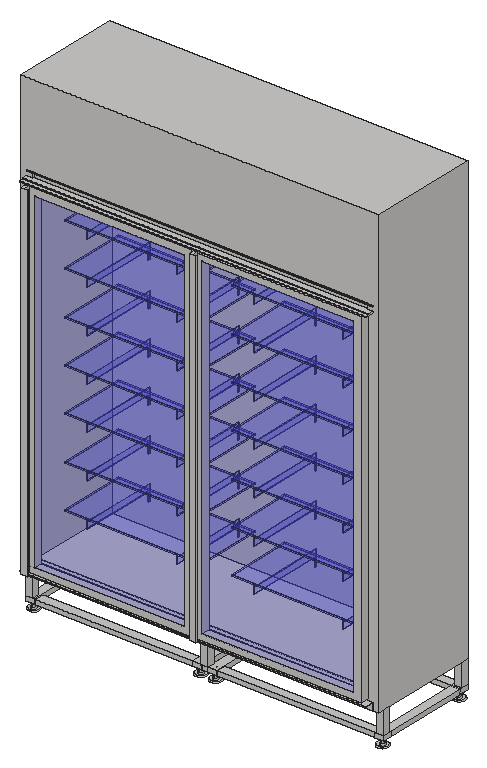
Revit family "Food-Service-Equipment_Oscartek_Muro_Gala-1552_cat", category Specialty Equipment, Revit 2026
Family settings
  Round Connector Dimension = Use Diameter
  Part Type = Normal
  Classification Number = 23.40.40.11
  Work Plane-Based = No
  Enable Cutting in Views = No
  Always vertical = Yes
  Cut with Voids When Loaded = No
  Maintain Annotation Orientation = No
  Shared = No
  Room Calculation Point = No
Parameters
  Wine Shelf = Part Code = 1  # yes
  Weight in Pounds = 440
  Watts = Volts * FL Amps  # 880 W
  Volts = 220 V
  URL Cutsheet = "www.oscartek.com"
  URL = "www.oscartek.com"
  Type Comments = "As Specified"
  Test Data = "http://www.oscartek.com/company/clients.php"
  Specification by User = ""
  Specification by Manufacturer = ""
  Specification = "https://www.arcat.com/arcatcos/cos48/arc48760.html"
  Show Clearance [instance] = yes
  Serial Number = ""
  Seismic Rating = ""
  Sales Information = "http://www.oscartek.com/company/contact.php"
  SMACNA No = ""
  Revision Code = ""
  Revision = "R1_2018-10"
  Product Data = "http://www.oscartek.com/support/manuals/"
  Phase = 1
  Part Code = 1
  Number of Poles = 1
  NAFEM Spec ID Number = ""
  Model = "MURO GALA 1552"
  Min Ckt Ampacity = 0 A
  Meat Shelf = Part Code = 2  # no
  Max Overcurrent Protection = 0 A
  Masterspec = ""
  Manufacturer Website = "http://www.oscartek.com/index.php"
  Manufacturer Phone - Toll Free = "855-885-2400"
  Manufacturer Phone = "650-342-2400"
  Manufacturer Fax = "650-342-7400"
  Manufacturer Address = "361 Beach Rd., Burlingame, CA 94010"
  Manufacturer = "OSCARTEK"
  Length = 61 1/8"
  Item Number = ""
  Installed By = ""
  Installation-Fabrication = "http://www.oscartek.com/support/manuals/"
  Identify Quantity as Lot = yes
  Height = 82 3/16"
  HP = ""
  Green Building-LEED = "https://www.arcat.com/green/green_building.shtml"
  Furnished By = ""
  Foodservice Equipment Identifier = yes
  FL Amps = 4 A
  Electrical Remarks = ""
  Electric Connection Type = ""
  Elec Conn RI Height = 0"
  Elec Conn Connection Height = 0"
  Drawn By = "Sumex Design, Inc. / Robert S. Weygant, CSI, CDT, SCIP"
  Description = "MURO GALA WINE SHOWCASE"
  Depth = 21 1/4"
  Deli/Pastry = Part Code = 3  # no
  Default Elevation = 0"
  Cycle = 60 Hz
  Copyright = "©Arcat Inc."
  Construction Details = "http://www.oscartek.com/support/manuals/"
  Conn Plug = ""
  Conn Conduit = yes
  Category = ""
  CSI MasterFormat = "11 41 33"
  Building Codes = "https://www.arcat.com/arcatcos/cos48/arc48760.html"
  BTUH = 6400.0 Btu/h
  Apparent Power = 0 VA
Reference planes (in)
  plane 1 "BACK": y = 0
  plane 2: z = 0
  plane 3 "LEFT": x = 0
  plane 4 "RIGHT": x = 61.125
  plane 5 "FRONT": y = -21.25
  plane 6 "TOP": z = 82.1875
  plane 7 "Center Y": x = 30.5625
  plane 8 "Center X": y = -10.625
  plane 9: y = -18.875
  plane 10: z = 7.51552
  plane 11: z = 66.57802
  plane 12: z = 7.51552
  plane 13: z = 66.57802
  plane 14: z = 6.00603
  plane 15: y = -17.875
  plane 16: y = -17.10376
  plane 17: x = 0.8125
  plane 18: x = 29.30212
Forms (in)
  Extrusion 1, solid, material "QF_Metal - Stainless - Polished"
    sketch origin (31.6875, 0, 0) x (0, -1, 0) y (0, 0, 1)
      loop
        line (18.90603, 7.20508) -> (20.31099, 7.20508) -> (20.31099, 7.32323) -> (18.70021, 7.32323) -> (18.70021, 8.56381) -> (17.89196, 8.56381) -> (17.89196, 6.00603) -> (18.90603, 6.00603) -> (18.90603, 7.20508)
      loop
        line (18.875, 68) -> (17.91056, 68) -> (17.91056, 66.5144) -> (18.70905, 66.5144) -> (18.70905, 66.81986) -> (20.31325, 66.81986) -> (20.31325, 66.94487) -> (19.71428, 66.94487) -> (19.71428, 67.14799) -> (18.70905, 67.14799) -> (18.70905, 67.80947) -> (18.875, 67.80947) -> (18.875, 68)
    from -28.4375 to 30.6875
  Extrusion 2, solid, material "QF_Metal - Stainless - Polished"
    sketch origin (1, -18.875, 82.1875) x (0, 0, -1) y (1, 0, 0)
      loop
        line (15.60948, 0.92068) -> (74.67198, 0.92068) -> (74.67198, 29.35434) -> (15.60948, 29.35434) -> (15.60948, 0.92068)
      loop
        line (16.67198, 2.45144) -> (73.60948, 2.45144) -> (73.60948, 28.1177) -> (16.67198, 28.1177) -> (16.67198, 2.45144)
      loop
        line (15.60948, 29.82366) -> (74.67198, 29.82366) -> (74.67198, 58.20911) -> (15.60948, 58.20911) -> (15.60948, 29.82366)
      loop
        line (16.67198, 31.06338) -> (73.60948, 31.06338) -> (73.60948, 56.97247) -> (16.67198, 56.97247) -> (16.67198, 31.06338)
    from 0 to 1.38976
  Extrusion 3, solid, material "Glass"
    sketch origin (1, -18.875, 82.1875) x (0, 0, -1) y (1, 0, 0)
      loop
        line (16.67198, 0.9375) -> (73.60948, 0.9375) -> (73.60948, 28.1177) -> (16.67198, 28.1177) -> (16.67198, 0.9375)
      loop
        line (73.60948, 30.98355) -> (73.60948, 56.97247) -> (16.67198, 56.97247) -> (16.67198, 30.98355) -> (73.60948, 30.98355)
    from 0 to 1.38976
  Extrusion 4, solid, material "QF_Metal - Stainless - Polished"
    sketch origin (-103.07038, -18.875, 66.57802) x (1, 0, 0) y (0, 1, 0)
      loop
        line (106.06231, -2.17797) -> (105.5106, -2.17797) -> (105.5106, -1.38976) -> (104.99106, -1.38976) -> (104.99106, -2.375) -> (106.06231, -2.375) -> (106.06231, -2.17797)
      loop
        line (134.80226, -2.17797) -> (134.25055, -2.17797) -> (134.25055, -1.38976) -> (133.731, -1.38976) -> (133.731, -2.375) -> (134.80226, -2.375) -> (134.80226, -2.17797)
    from 0 to -59.0625
  Revolve 5, solid, material "QF_Metal - Stainless - Polished"
    sketch origin (0.8125, -180, -6.84664) x (0, 0, -1) y (0, -1, 0)
      loop
        line (-8.80529, -179.21181) -> (-6.84664, -179.21181) -> (-6.84664, -178.50244) -> (-6.96507, -178.23643) -> (-7.07291, -178.28444) -> (-7.07291, -178.83742) -> (-7.24073, -178.83742) -> (-7.24073, -179.01476) -> (-8.80529, -179.01476) -> (-8.80529, -179.21181)
      axis (-6.84664, -179.21181) -> (-8.80529, -179.21181)
    angle from 0 to 360
  Revolve 6, solid, material "QF_Metal - Stainless - Polished"
    sketch origin (29.30212, -180, -6.84664) x (0, 0, -1) y (0, 1, 0)
      loop
        line (-8.80529, 179.21181) -> (-8.80529, 179.01476) -> (-7.24073, 179.01476) -> (-7.24073, 178.83742) -> (-7.07291, 178.83742) -> (-7.07291, 178.28444) -> (-6.96507, 178.23643) -> (-6.84664, 178.50244) -> (-6.84664, 179.21181) -> (-8.80529, 179.21181)
      axis (-6.84664, 179.21181) -> (-8.80529, 179.21181)
    angle from 0 to 360
  Revolve 7, solid, material "QF_Metal - Stainless - Polished"
    sketch origin (0.8125, -196.31557, -6.84664) x (0, 0, -1) y (0, -1, 0)
      loop
        line (-8.80529, -179.21181) -> (-6.84664, -179.21181) -> (-6.84664, -178.50244) -> (-6.96507, -178.23643) -> (-7.07291, -178.28444) -> (-7.07291, -178.83742) -> (-7.24073, -178.83742) -> (-7.24073, -179.01476) -> (-8.80529, -179.01476) -> (-8.80529, -179.21181)
      axis (-6.84664, -179.21181) -> (-8.80529, -179.21181)
    angle from 0 to 360
  Revolve 8, solid, material "QF_Metal - Stainless - Polished"
    sketch origin (29.30212, -196.31557, -6.84664) x (0, 0, -1) y (0, 1, 0)
      loop
        line (-8.80529, 179.21181) -> (-8.80529, 179.01476) -> (-7.24073, 179.01476) -> (-7.24073, 178.83742) -> (-7.07291, 178.83742) -> (-7.07291, 178.28444) -> (-6.96507, 178.23643) -> (-6.84664, 178.50244) -> (-6.84664, 179.21181) -> (-8.80529, 179.21181)
      axis (-6.84664, 179.21181) -> (-8.80529, 179.21181)
    angle from 0 to 360
  Extrusion 9, solid, material "QF_Metal - Stainless - Polished"
    sketch origin (0, 0, 0) x (0, 1, 0) y (0, 0, 1)
      loop
        line (-16.31557, 1.28869) -> (-16.31557, 2.07689) -> (-17.875, 2.07689) -> (-17.875, 1.28869) -> (-16.31557, 1.28869)
      loop
        line (0, 1.28869) -> (0, 2.07689) -> (-1.55943, 2.07689) -> (-1.55943, 1.28869) -> (0, 1.28869)
    from 0 to 61.125
  Extrusion 10, solid, material "QF_Metal - Stainless - Polished"
    sketch origin (0, 0, 0) x (1, 0, 0) y (0, 0, 1)
      loop
        line (0, 2.07689) -> (0, 1.28869) -> (1.5625, 1.28869) -> (1.5625, 2.07689) -> (0, 2.07689)
      loop
        line (61.125, 2.07689) -> (59.5625, 2.07689) -> (59.5625, 1.28869) -> (61.125, 1.28869) -> (61.125, 2.07689)
      loop
        line (32.60937, 2.07689) -> (31.04687, 2.07689) -> (31.04687, 1.28869) -> (32.60937, 1.28869) -> (32.60937, 2.07689)
      loop
        line (30.08862, 2.07689) -> (28.52612, 2.07689) -> (28.52612, 1.28869) -> (30.08862, 1.28869) -> (30.08862, 2.07689)
    from 0 to 17.875
  Extrusion 11, solid, material "QF_Metal - Stainless - Polished"
    sketch origin (0, 0, 2.07689) x (1, 0, 0) y (0, 1, 0)
      loop
        line (0, -1.18229) -> (1.17775, -1.18229) -> (1.17775, 0) -> (0, 0) -> (0, -1.18229)
      loop
        line (31.15137, -1.18229) -> (31.15137, 0) -> (29.97363, 0) -> (29.97363, -1.18229) -> (31.15137, -1.18229)
      loop
        line (0, -17.89196) -> (1.17775, -17.89196) -> (1.17775, -16.70967) -> (0, -16.70967) -> (0, -17.89196)
      loop
        line (31.15137, -17.89196) -> (31.15137, -16.70967) -> (29.97363, -16.70967) -> (29.97363, -17.89196) -> (31.15137, -17.89196)
      loop
        line (61.125, -1.18229) -> (61.125, 0) -> (59.94725, 0) -> (59.94725, -1.18229) -> (61.125, -1.18229)
      loop
        line (61.125, -17.89196) -> (61.125, -16.70967) -> (59.94725, -16.70967) -> (59.94725, -17.89196) -> (61.125, -17.89196)
    from 0 to 3.92915
  Extrusion 12, solid, material "QF_Door-Drawer Clearances", visible <- "Show Clearance", detail levels coarse
    sketch origin (-103.07038, -18.875, 66.57802) x (1, 0, 0) y (0, 1, 0)
      loop
        arc (104.99106, -1.38976) -> (113.31908, -21.4954) -> (133.42472, -29.82342) r 28.43366
        line (133.42472, -29.82342) -> (133.42472, -1.38976) -> (104.99106, -1.38976)
      loop
        arc (133.731, -1.38976) -> (142.09266, -21.57659) -> (162.27949, -29.93824) r 28.54848
        line (162.27949, -29.93824) -> (162.27949, -1.38976) -> (133.731, -1.38976)
    from 0 to -59.0625
  Extrusion 13, solid, material "QF_Metal - Stainless - Polished"
    sketch origin (1, 0, 0) x (0, 1, 0) y (0, 0, 1)
      loop
        line (0, 82.1875) -> (-18.875, 82.1875) -> (-18.875, 68) -> (-17.91056, 68) -> (-17.91056, 66.5144) -> (-16.94613, 66.5144) -> (-16.94613, 72.27825) -> (-2.08871, 72.27825) -> (-2.08871, 8.52825) -> (-17.89196, 8.52825) -> (-17.89196, 6.00603) -> (0, 6.00603) -> (0, 82.1875)
    from 0 to 59.125
  Extrusion 14, solid, material "QF_Metal - Stainless - Polished"
    sketch origin (0, 0, 0) x (0, 1, 0) y (0, 0, 1)
      loop
        line (0, 82.1875) -> (-18.875, 82.1875) -> (-18.875, 6.00603) -> (0, 6.00603) -> (0, 82.1875)
    from 0 to 2
  Extrusion 15, solid, material "QF_Metal - Stainless - Polished"
    sketch origin (61.125, 0, 0) x (0, -1, 0) y (0, 0, 1)
      loop
        line (0, 82.1875) -> (0, 6.00603) -> (18.875, 6.00603) -> (18.875, 82.1875) -> (0, 82.1875)
    from 0 to 2
  Revolve 16, solid, material "QF_Metal - Stainless - Polished"
    sketch origin (31.82288, -180, -6.84664) x (0, 0, -1) y (0, -1, 0)
      loop
        line (-8.80529, -179.21181) -> (-6.84664, -179.21181) -> (-6.84664, -178.50244) -> (-6.96507, -178.23643) -> (-7.07291, -178.28444) -> (-7.07291, -178.83742) -> (-7.24073, -178.83742) -> (-7.24073, -179.01476) -> (-8.80529, -179.01476) -> (-8.80529, -179.21181)
      axis (-6.84664, -179.21181) -> (-8.80529, -179.21181)
    angle from 0 to 360
  Revolve 17, solid, material "QF_Metal - Stainless - Polished"
    sketch origin (31.82288, -196.31557, -6.84664) x (0, 0, -1) y (0, -1, 0)
      loop
        line (-8.80529, -179.21181) -> (-6.84664, -179.21181) -> (-6.84664, -178.50244) -> (-6.96507, -178.23643) -> (-7.07291, -178.28444) -> (-7.07291, -178.83742) -> (-7.24073, -178.83742) -> (-7.24073, -179.01476) -> (-8.80529, -179.01476) -> (-8.80529, -179.21181)
      axis (-6.84664, -179.21181) -> (-8.80529, -179.21181)
    angle from 0 to 360
  Revolve 18, solid, material "QF_Metal - Stainless - Polished"
    sketch origin (60.3385, -180, -6.84664) x (0, 0, -1) y (0, -1, 0)
      loop
        line (-8.80529, -179.21181) -> (-6.84664, -179.21181) -> (-6.84664, -178.50244) -> (-6.96507, -178.23643) -> (-7.07291, -178.28444) -> (-7.07291, -178.83742) -> (-7.24073, -178.83742) -> (-7.24073, -179.01476) -> (-8.80529, -179.01476) -> (-8.80529, -179.21181)
      axis (-6.84664, -179.21181) -> (-8.80529, -179.21181)
    angle from 0 to 360
  Revolve 19, solid, material "QF_Metal - Stainless - Polished"
    sketch origin (60.3385, -196.31557, -6.84664) x (0, 0, -1) y (0, -1, 0)
      loop
        line (-8.80529, -179.21181) -> (-6.84664, -179.21181) -> (-6.84664, -178.50244) -> (-6.96507, -178.23643) -> (-7.07291, -178.28444) -> (-7.07291, -178.83742) -> (-7.24073, -178.83742) -> (-7.24073, -179.01476) -> (-8.80529, -179.01476) -> (-8.80529, -179.21181)
      axis (-6.84664, -179.21181) -> (-8.80529, -179.21181)
    angle from 0 to 360
  Extrusion 20, solid, material "QF_Metal - Stainless - Polished Brushed", visible <- "Meat Shelf"
    sketch origin (1, 0, 0) x (0, 1, 0) y (0, 0, 1)
      loop
        line (-8.66523, 64.21846) -> (-8.89505, 64.21846) -> (-8.89505, 64.61255) -> (-9.17092, 64.61255) -> (-9.17092, 64.21846) -> (-10.52412, 64.21846) -> (-10.52412, 64.61255) -> (-10.79999, 64.61255) -> (-10.79999, 64.21846) -> (-11.02981, 64.21846) -> (-11.02981, 64.06082) -> (-10.43866, 64.06082) -> (-10.43866, 62.87853) -> (-9.25637, 62.87853) -> (-9.25637, 64.06082) -> (-8.66523, 64.06082) -> (-8.66523, 64.21846)
    from 1 to 58.125
  Extrusion 21, solid, material "Glass", visible <- "Wine Shelf"
    sketch origin (8.65625, 6.33903, 48) x (0, 1, 0) y (0, 0, 1)
      loop
        line (-21.88361, 12.03383) -> (-21.88361, 10.51592) -> (-8.86913, 10.51592) -> (-8.86913, 8.95572) -> (-8.56962, 8.95572) -> (-8.56962, 11.68413) -> (-15.25009, 11.68413) -> (-21.6951, 11.68413) -> (-21.6951, 12.03383) -> (-21.88361, 12.03383)
      loop
        line (-21.88361, 4.64453) -> (-21.88361, 3.12662) -> (-8.86913, 3.12662) -> (-8.86913, 1.56642) -> (-8.56962, 1.56642) -> (-8.56962, 4.29483) -> (-15.25009, 4.29483) -> (-21.6951, 4.29483) -> (-21.6951, 4.64453) -> (-21.88361, 4.64453)
      loop
        line (-21.88361, -2.74477) -> (-21.88361, -4.26267) -> (-8.86913, -4.26267) -> (-8.86913, -5.82288) -> (-8.56962, -5.82288) -> (-8.56962, -3.09447) -> (-15.25009, -3.09447) -> (-21.6951, -3.09447) -> (-21.6951, -2.74477) -> (-21.88361, -2.74477)
      loop
        line (-21.88361, -10.13407) -> (-21.88361, -11.65197) -> (-8.86913, -11.65197) -> (-8.86913, -13.21217) -> (-8.56962, -13.21217) -> (-8.56962, -10.48377) -> (-15.25009, -10.48377) -> (-21.6951, -10.48377) -> (-21.6951, -10.13407) -> (-21.88361, -10.13407)
      loop
        line (-21.88361, -17.52337) -> (-21.88361, -19.04127) -> (-8.86913, -19.04127) -> (-8.86913, -20.60147) -> (-8.56962, -20.60147) -> (-8.56962, -17.87307) -> (-15.25009, -17.87307) -> (-21.6951, -17.87307) -> (-21.6951, -17.52337) -> (-21.88361, -17.52337)
      loop
        line (-21.88361, -24.91267) -> (-21.88361, -26.43057) -> (-8.86913, -26.43057) -> (-8.86913, -27.99077) -> (-8.56962, -27.99077) -> (-8.56962, -25.26237) -> (-15.25009, -25.26237) -> (-21.6951, -25.26237) -> (-21.6951, -24.91267) -> (-21.88361, -24.91267)
      loop
        line (-21.88361, -32.28425) -> (-21.88361, -33.80216) -> (-8.86913, -33.80216) -> (-8.86913, -35.36236) -> (-8.56962, -35.36236) -> (-8.56962, -32.63395) -> (-15.25009, -32.63395) -> (-21.6951, -32.63395) -> (-21.6951, -32.28425) -> (-21.88361, -32.28425)
    from 0 to 0.125
  Extrusion 22, solid, material "Glass", visible <- "Deli/Pastry"
    sketch origin (1, 0, 0) x (0, 1, 0) y (0, 0, 1)
      loop
        line (-14.3619, 52.33424) -> (-4.5494, 52.33424) -> (-4.5494, 52.64952) -> (-14.3619, 52.64952) -> (-14.3619, 52.33424)
      loop
        line (-14.3619, 37.55564) -> (-4.5494, 37.55564) -> (-4.5494, 37.87092) -> (-14.3619, 37.87092) -> (-14.3619, 37.55564)
      loop
        line (-14.3619, 22.77704) -> (-4.5494, 22.77704) -> (-4.5494, 23.09232) -> (-14.3619, 23.09232) -> (-14.3619, 22.77704)
    from 3.625 to 27.0625
  Extrusion 23, solid, material "Glass", visible <- "Meat Shelf"
    sketch origin (8.65625, 6.33903, 48) x (0, 1, 0) y (0, 0, 1)
      loop
        line (-20.93778, -10.13407) -> (-20.93778, -11.65497) -> (-8.86913, -11.65497) -> (-8.86913, -13.21217) -> (-8.56962, -13.21217) -> (-8.56962, -10.48377) -> (-20.74927, -10.48377) -> (-20.74927, -10.13407) -> (-20.93778, -10.13407)
      loop
        line (-20.93778, -24.91267) -> (-20.93778, -26.43356) -> (-8.86913, -26.43356) -> (-8.86913, -27.99077) -> (-8.56962, -27.99077) -> (-8.56962, -25.26237) -> (-20.74927, -25.26237) -> (-20.74927, -24.91267) -> (-20.93778, -24.91267)
    from 0 to 0.125
  Extrusion 24, solid, material "Glass", visible <- "Meat Shelf"
    sketch origin (1, 0, 0) x (0, 1, 0) y (0, 0, 1)
      loop
        line (-4.5494, 37.87092) -> (-14.3619, 37.87092) -> (-14.3619, 37.55564) -> (-4.5494, 37.55564) -> (-4.5494, 37.87092)
      loop
        line (-4.5494, 23.09232) -> (-14.3619, 23.09232) -> (-14.3619, 22.77704) -> (-4.5494, 22.77704) -> (-4.5494, 23.09232)
    from 3.625 to 27.0625
  Extrusion 25, solid, material "Glass", visible <- "Meat Shelf"
    sketch origin (24.03125, 6.33903, 48) x (0, 1, 0) y (0, 0, -1)
      loop
        line (-20.93778, 10.13407) -> (-20.74927, 10.13407) -> (-20.74927, 10.48377) -> (-8.56962, 10.48377) -> (-8.56962, 13.21217) -> (-8.86913, 13.21217) -> (-8.86913, 11.65497) -> (-20.93778, 11.65497) -> (-20.93778, 10.13407)
      loop
        line (-20.93778, 24.91267) -> (-20.74927, 24.91267) -> (-20.74927, 25.26237) -> (-8.56962, 25.26237) -> (-8.56962, 27.99077) -> (-8.86913, 27.99077) -> (-8.86913, 26.43356) -> (-20.93778, 26.43356) -> (-20.93778, 24.91267)
    from 0 to 0.125
  Extrusion 26, solid, material "Glass", visible <- "Deli/Pastry"
    sketch origin (8.65625, 6.33903, 48) x (0, 1, 0) y (0, 0, 1)
      loop
        line (-20.93778, 4.64453) -> (-20.93778, 3.12662) -> (-8.86913, 3.12662) -> (-8.86913, 1.56642) -> (-8.56962, 1.56642) -> (-8.56962, 4.29483) -> (-15.25009, 4.29483) -> (-20.74927, 4.29483) -> (-20.74927, 4.64453) -> (-20.93778, 4.64453)
      loop
        line (-20.93778, -10.13407) -> (-20.93778, -11.65197) -> (-8.86913, -11.65197) -> (-8.86913, -13.21217) -> (-8.56962, -13.21217) -> (-8.56962, -10.48377) -> (-15.25009, -10.48377) -> (-20.74927, -10.48377) -> (-20.74927, -10.13407) -> (-20.93778, -10.13407)
      loop
        line (-20.93778, -24.91267) -> (-20.93778, -26.43057) -> (-8.86913, -26.43057) -> (-8.86913, -27.99077) -> (-8.56962, -27.99077) -> (-8.56962, -25.26237) -> (-15.25009, -25.26237) -> (-20.74927, -25.26237) -> (-20.74927, -24.91267) -> (-20.93778, -24.91267)
    from 0 to 0.125
  Extrusion 27, solid, material "Glass", visible <- "Deli/Pastry"
    sketch origin (24.03125, 6.33903, 48) x (0, 1, 0) y (0, 0, -1)
      loop
        line (-20.93778, -4.64453) -> (-20.74927, -4.64453) -> (-20.74927, -4.29483) -> (-15.25009, -4.29483) -> (-8.56962, -4.29483) -> (-8.56962, -1.56642) -> (-8.86913, -1.56642) -> (-8.86913, -3.12662) -> (-20.93778, -3.12662) -> (-20.93778, -4.64453)
      loop
        line (-20.93778, 10.13407) -> (-20.74927, 10.13407) -> (-20.74927, 10.48377) -> (-15.25009, 10.48377) -> (-8.56962, 10.48377) -> (-8.56962, 13.21217) -> (-8.86913, 13.21217) -> (-8.86913, 11.65197) -> (-20.93778, 11.65197) -> (-20.93778, 10.13407)
      loop
        line (-20.93778, 24.91267) -> (-20.74927, 24.91267) -> (-20.74927, 25.26237) -> (-15.25009, 25.26237) -> (-8.56962, 25.26237) -> (-8.56962, 27.99077) -> (-8.86913, 27.99077) -> (-8.86913, 26.43057) -> (-20.93778, 26.43057) -> (-20.93778, 24.91267)
    from 0 to 0.125
  Extrusion 28, solid, material "Glass", visible <- "Wine Shelf"
    sketch origin (1, 0, 0) x (0, 1, 0) y (0, 0, 1)
      loop
        line (-15.30773, 60.03383) -> (-15.30773, 59.72354) -> (-3.87895, 59.72354) -> (-3.87895, 60.03383) -> (-15.30773, 60.03383)
      loop
        line (-15.30773, 52.64453) -> (-15.30773, 52.33424) -> (-3.87895, 52.33424) -> (-3.87895, 52.64453) -> (-15.30773, 52.64453)
      loop
        line (-15.30773, 45.25523) -> (-15.30773, 44.94494) -> (-3.87895, 44.94494) -> (-3.87895, 45.25523) -> (-15.30773, 45.25523)
      loop
        line (-15.30773, 37.86593) -> (-15.30773, 37.55564) -> (-3.87895, 37.55564) -> (-3.87895, 37.86593) -> (-15.30773, 37.86593)
      loop
        line (-15.30773, 30.47663) -> (-15.30773, 30.16634) -> (-3.87895, 30.16634) -> (-3.87895, 30.47663) -> (-15.30773, 30.47663)
      loop
        line (-15.30773, 23.08733) -> (-15.30773, 22.77704) -> (-3.87895, 22.77704) -> (-3.87895, 23.08733) -> (-15.30773, 23.08733)
      loop
        line (-15.30773, 15.71575) -> (-15.30773, 15.40546) -> (-3.87895, 15.40546) -> (-3.87895, 15.71575) -> (-15.30773, 15.71575)
    from 3.625 to 27.0625
  Extrusion 29, solid, material "Glass", visible <- "Wine Shelf"
    sketch origin (24.03125, 6.33903, 48) x (0, 1, 0) y (0, 0, -1)
      loop
        line (-21.88361, -12.03383) -> (-21.6951, -12.03383) -> (-21.6951, -11.68413) -> (-15.25009, -11.68413) -> (-8.56962, -11.68413) -> (-8.56962, -8.95572) -> (-8.86913, -8.95572) -> (-8.86913, -10.51592) -> (-21.88361, -10.51592) -> (-21.88361, -12.03383)
      loop
        line (-21.88361, -4.64453) -> (-21.6951, -4.64453) -> (-21.6951, -4.29483) -> (-15.25009, -4.29483) -> (-8.56962, -4.29483) -> (-8.56962, -1.56642) -> (-8.86913, -1.56642) -> (-8.86913, -3.12662) -> (-21.88361, -3.12662) -> (-21.88361, -4.64453)
      loop
        line (-21.88361, 2.74477) -> (-21.6951, 2.74477) -> (-21.6951, 3.09447) -> (-15.25009, 3.09447) -> (-8.56962, 3.09447) -> (-8.56962, 5.82288) -> (-8.86913, 5.82288) -> (-8.86913, 4.26267) -> (-21.88361, 4.26267) -> (-21.88361, 2.74477)
      loop
        line (-21.88361, 10.13407) -> (-21.6951, 10.13407) -> (-21.6951, 10.48377) -> (-15.25009, 10.48377) -> (-8.56962, 10.48377) -> (-8.56962, 13.21217) -> (-8.86913, 13.21217) -> (-8.86913, 11.65197) -> (-21.88361, 11.65197) -> (-21.88361, 10.13407)
      loop
        line (-21.88361, 17.52337) -> (-21.6951, 17.52337) -> (-21.6951, 17.87307) -> (-15.25009, 17.87307) -> (-8.56962, 17.87307) -> (-8.56962, 20.60147) -> (-8.86913, 20.60147) -> (-8.86913, 19.04127) -> (-21.88361, 19.04127) -> (-21.88361, 17.52337)
      loop
        line (-21.88361, 24.91267) -> (-21.6951, 24.91267) -> (-21.6951, 25.26237) -> (-15.25009, 25.26237) -> (-8.56962, 25.26237) -> (-8.56962, 27.99077) -> (-8.86913, 27.99077) -> (-8.86913, 26.43057) -> (-21.88361, 26.43057) -> (-21.88361, 24.91267)
      loop
        line (-21.88361, 32.28425) -> (-21.6951, 32.28425) -> (-21.6951, 32.63395) -> (-15.25009, 32.63395) -> (-8.56962, 32.63395) -> (-8.56962, 35.36236) -> (-8.86913, 35.36236) -> (-8.86913, 33.80216) -> (-21.88361, 33.80216) -> (-21.88361, 32.28425)
    from 0 to 0.125
  Extrusion 30, solid, material "Glass", visible <- "Wine Shelf"
    sketch origin (52.46875, 6.33903, 48) x (0, 1, 0) y (0, 0, -1)
      loop
        line (-21.88361, -12.03383) -> (-21.6951, -12.03383) -> (-21.6951, -11.68413) -> (-15.25009, -11.68413) -> (-8.56962, -11.68413) -> (-8.56962, -8.95572) -> (-8.86913, -8.95572) -> (-8.86913, -10.51592) -> (-21.88361, -10.51592) -> (-21.88361, -12.03383)
      loop
        line (-21.88361, -4.64453) -> (-21.6951, -4.64453) -> (-21.6951, -4.29483) -> (-15.25009, -4.29483) -> (-8.56962, -4.29483) -> (-8.56962, -1.56642) -> (-8.86913, -1.56642) -> (-8.86913, -3.12662) -> (-21.88361, -3.12662) -> (-21.88361, -4.64453)
      loop
        line (-21.88361, 2.74477) -> (-21.6951, 2.74477) -> (-21.6951, 3.09447) -> (-15.25009, 3.09447) -> (-8.56962, 3.09447) -> (-8.56962, 5.82288) -> (-8.86913, 5.82288) -> (-8.86913, 4.26267) -> (-21.88361, 4.26267) -> (-21.88361, 2.74477)
      loop
        line (-21.88361, 10.13407) -> (-21.6951, 10.13407) -> (-21.6951, 10.48377) -> (-15.25009, 10.48377) -> (-8.56962, 10.48377) -> (-8.56962, 13.21217) -> (-8.86913, 13.21217) -> (-8.86913, 11.65197) -> (-21.88361, 11.65197) -> (-21.88361, 10.13407)
      loop
        line (-21.88361, 17.52337) -> (-21.6951, 17.52337) -> (-21.6951, 17.87307) -> (-15.25009, 17.87307) -> (-8.56962, 17.87307) -> (-8.56962, 20.60147) -> (-8.86913, 20.60147) -> (-8.86913, 19.04127) -> (-21.88361, 19.04127) -> (-21.88361, 17.52337)
      loop
        line (-21.88361, 24.91267) -> (-21.6951, 24.91267) -> (-21.6951, 25.26237) -> (-15.25009, 25.26237) -> (-8.56962, 25.26237) -> (-8.56962, 27.99077) -> (-8.86913, 27.99077) -> (-8.86913, 26.43057) -> (-21.88361, 26.43057) -> (-21.88361, 24.91267)
      loop
        line (-21.88361, 32.28425) -> (-21.6951, 32.28425) -> (-21.6951, 32.63395) -> (-15.25009, 32.63395) -> (-8.56962, 32.63395) -> (-8.56962, 35.36236) -> (-8.86913, 35.36236) -> (-8.86913, 33.80216) -> (-21.88361, 33.80216) -> (-21.88361, 32.28425)
    from 0 to 0.125
  Extrusion 31, solid, material "Glass", visible <- "Deli/Pastry"
    sketch origin (60.125, 0, 0) x (0, 1, 0) y (0, 0, -1)
      loop
        line (-14.3619, -52.33424) -> (-14.3619, -52.64952) -> (-4.5494, -52.64952) -> (-4.5494, -52.33424) -> (-14.3619, -52.33424)
      loop
        line (-14.3619, -37.55564) -> (-14.3619, -37.87092) -> (-4.5494, -37.87092) -> (-4.5494, -37.55564) -> (-14.3619, -37.55564)
      loop
        line (-14.3619, -22.77704) -> (-14.3619, -23.09232) -> (-4.5494, -23.09232) -> (-4.5494, -22.77704) -> (-14.3619, -22.77704)
    from 3.625 to 27.0625
  Extrusion 32, solid, material "Glass", visible <- "Meat Shelf"
    sketch origin (52.46875, 6.33903, 48) x (0, 1, 0) y (0, 0, -1)
      loop
        line (-20.93778, 10.13407) -> (-20.74927, 10.13407) -> (-20.74927, 10.48377) -> (-8.56962, 10.48377) -> (-8.56962, 13.21217) -> (-8.86913, 13.21217) -> (-8.86913, 11.65497) -> (-20.93778, 11.65497) -> (-20.93778, 10.13407)
      loop
        line (-20.93778, 24.91267) -> (-20.74927, 24.91267) -> (-20.74927, 25.26237) -> (-8.56962, 25.26237) -> (-8.56962, 27.99077) -> (-8.86913, 27.99077) -> (-8.86913, 26.43356) -> (-20.93778, 26.43356) -> (-20.93778, 24.91267)
    from 0 to 0.125
  Extrusion 33, solid, material "Glass", visible <- "Meat Shelf"
    sketch origin (60.125, 0, 0) x (0, 1, 0) y (0, 0, -1)
      loop
        line (-4.5494, -37.87092) -> (-4.5494, -37.55564) -> (-14.3619, -37.55564) -> (-14.3619, -37.87092) -> (-4.5494, -37.87092)
      loop
        line (-4.5494, -23.09232) -> (-4.5494, -22.77704) -> (-14.3619, -22.77704) -> (-14.3619, -23.09232) -> (-4.5494, -23.09232)
    from 3.625 to 27.0625
  Extrusion 34, solid, material "Glass", visible <- "Meat Shelf"
    sketch origin (37.09375, 6.33903, 48) x (0, 1, 0) y (0, 0, 1)
      loop
        line (-20.93778, -10.13407) -> (-20.93778, -11.65497) -> (-8.86913, -11.65497) -> (-8.86913, -13.21217) -> (-8.56962, -13.21217) -> (-8.56962, -10.48377) -> (-20.74927, -10.48377) -> (-20.74927, -10.13407) -> (-20.93778, -10.13407)
      loop
        line (-20.93778, -24.91267) -> (-20.93778, -26.43356) -> (-8.86913, -26.43356) -> (-8.86913, -27.99077) -> (-8.56962, -27.99077) -> (-8.56962, -25.26237) -> (-20.74927, -25.26237) -> (-20.74927, -24.91267) -> (-20.93778, -24.91267)
    from 0 to 0.125
  Extrusion 35, solid, material "Glass", visible <- "Deli/Pastry"
    sketch origin (52.46875, 6.33903, 48) x (0, 1, 0) y (0, 0, -1)
      loop
        line (-20.93778, -4.64453) -> (-20.74927, -4.64453) -> (-20.74927, -4.29483) -> (-15.25009, -4.29483) -> (-8.56962, -4.29483) -> (-8.56962, -1.56642) -> (-8.86913, -1.56642) -> (-8.86913, -3.12662) -> (-20.93778, -3.12662) -> (-20.93778, -4.64453)
      loop
        line (-20.93778, 10.13407) -> (-20.74927, 10.13407) -> (-20.74927, 10.48377) -> (-15.25009, 10.48377) -> (-8.56962, 10.48377) -> (-8.56962, 13.21217) -> (-8.86913, 13.21217) -> (-8.86913, 11.65197) -> (-20.93778, 11.65197) -> (-20.93778, 10.13407)
      loop
        line (-20.93778, 24.91267) -> (-20.74927, 24.91267) -> (-20.74927, 25.26237) -> (-15.25009, 25.26237) -> (-8.56962, 25.26237) -> (-8.56962, 27.99077) -> (-8.86913, 27.99077) -> (-8.86913, 26.43057) -> (-20.93778, 26.43057) -> (-20.93778, 24.91267)
    from 0 to 0.125
  Extrusion 36, solid, material "Glass", visible <- "Deli/Pastry"
    sketch origin (37.09375, 6.33903, 48) x (0, 1, 0) y (0, 0, 1)
      loop
        line (-20.93778, 4.64453) -> (-20.93778, 3.12662) -> (-8.86913, 3.12662) -> (-8.86913, 1.56642) -> (-8.56962, 1.56642) -> (-8.56962, 4.29483) -> (-15.25009, 4.29483) -> (-20.74927, 4.29483) -> (-20.74927, 4.64453) -> (-20.93778, 4.64453)
      loop
        line (-20.93778, -10.13407) -> (-20.93778, -11.65197) -> (-8.86913, -11.65197) -> (-8.86913, -13.21217) -> (-8.56962, -13.21217) -> (-8.56962, -10.48377) -> (-15.25009, -10.48377) -> (-20.74927, -10.48377) -> (-20.74927, -10.13407) -> (-20.93778, -10.13407)
      loop
        line (-20.93778, -24.91267) -> (-20.93778, -26.43057) -> (-8.86913, -26.43057) -> (-8.86913, -27.99077) -> (-8.56962, -27.99077) -> (-8.56962, -25.26237) -> (-15.25009, -25.26237) -> (-20.74927, -25.26237) -> (-20.74927, -24.91267) -> (-20.93778, -24.91267)
    from 0 to 0.125
  Extrusion 37, solid, material "Glass", visible <- "Wine Shelf"
    sketch origin (60.125, 0, 0) x (0, 1, 0) y (0, 0, -1)
      loop
        line (-15.30773, -60.03383) -> (-3.87895, -60.03383) -> (-3.87895, -59.72354) -> (-15.30773, -59.72354) -> (-15.30773, -60.03383)
      loop
        line (-15.30773, -52.64453) -> (-3.87895, -52.64453) -> (-3.87895, -52.33424) -> (-15.30773, -52.33424) -> (-15.30773, -52.64453)
      loop
        line (-15.30773, -45.25523) -> (-3.87895, -45.25523) -> (-3.87895, -44.94494) -> (-15.30773, -44.94494) -> (-15.30773, -45.25523)
      loop
        line (-15.30773, -37.86593) -> (-3.87895, -37.86593) -> (-3.87895, -37.55564) -> (-15.30773, -37.55564) -> (-15.30773, -37.86593)
      loop
        line (-15.30773, -30.47663) -> (-3.87895, -30.47663) -> (-3.87895, -30.16634) -> (-15.30773, -30.16634) -> (-15.30773, -30.47663)
      loop
        line (-15.30773, -23.08733) -> (-3.87895, -23.08733) -> (-3.87895, -22.77704) -> (-15.30773, -22.77704) -> (-15.30773, -23.08733)
      loop
        line (-15.30773, -15.71575) -> (-3.87895, -15.71575) -> (-3.87895, -15.40546) -> (-15.30773, -15.40546) -> (-15.30773, -15.71575)
    from 3.625 to 27.0625
  Extrusion 38, solid, material "Glass", visible <- "Wine Shelf"
    sketch origin (37.09375, 6.33903, 48) x (0, 1, 0) y (0, 0, 1)
      loop
        line (-21.88361, 12.03383) -> (-21.88361, 10.51592) -> (-8.86913, 10.51592) -> (-8.86913, 8.95572) -> (-8.56962, 8.95572) -> (-8.56962, 11.68413) -> (-15.25009, 11.68413) -> (-21.6951, 11.68413) -> (-21.6951, 12.03383) -> (-21.88361, 12.03383)
      loop
        line (-21.88361, 4.64453) -> (-21.88361, 3.12662) -> (-8.86913, 3.12662) -> (-8.86913, 1.56642) -> (-8.56962, 1.56642) -> (-8.56962, 4.29483) -> (-15.25009, 4.29483) -> (-21.6951, 4.29483) -> (-21.6951, 4.64453) -> (-21.88361, 4.64453)
      loop
        line (-21.88361, -2.74477) -> (-21.88361, -4.26267) -> (-8.86913, -4.26267) -> (-8.86913, -5.82288) -> (-8.56962, -5.82288) -> (-8.56962, -3.09447) -> (-15.25009, -3.09447) -> (-21.6951, -3.09447) -> (-21.6951, -2.74477) -> (-21.88361, -2.74477)
      loop
        line (-21.88361, -10.13407) -> (-21.88361, -11.65197) -> (-8.86913, -11.65197) -> (-8.86913, -13.21217) -> (-8.56962, -13.21217) -> (-8.56962, -10.48377) -> (-15.25009, -10.48377) -> (-21.6951, -10.48377) -> (-21.6951, -10.13407) -> (-21.88361, -10.13407)
      loop
        line (-21.88361, -17.52337) -> (-21.88361, -19.04127) -> (-8.86913, -19.04127) -> (-8.86913, -20.60147) -> (-8.56962, -20.60147) -> (-8.56962, -17.87307) -> (-15.25009, -17.87307) -> (-21.6951, -17.87307) -> (-21.6951, -17.52337) -> (-21.88361, -17.52337)
      loop
        line (-21.88361, -24.91267) -> (-21.88361, -26.43057) -> (-8.86913, -26.43057) -> (-8.86913, -27.99077) -> (-8.56962, -27.99077) -> (-8.56962, -25.26237) -> (-15.25009, -25.26237) -> (-21.6951, -25.26237) -> (-21.6951, -24.91267) -> (-21.88361, -24.91267)
      loop
        line (-21.88361, -32.28425) -> (-21.88361, -33.80216) -> (-8.86913, -33.80216) -> (-8.86913, -35.36236) -> (-8.56962, -35.36236) -> (-8.56962, -32.63395) -> (-15.25009, -32.63395) -> (-21.6951, -32.63395) -> (-21.6951, -32.28425) -> (-21.88361, -32.28425)
    from 0 to 0.125
Cuts and joins
  joined: Extrusion 13, Extrusion 14, Extrusion 15
Lines and regions (in)
  Split face 1
    outline origin (60.125, 0, 6.00603) x (-1, 0, 0) y (0, 0, 1)
      loop
        circle (29.5625, 71.50958) r 0.5
  Split face 2
    outline origin (60.125, -18.875, 82.1875) x (-1, 0, 0) y (0, 0, -1)
      loop
        line (-0.3064, 76.18147) -> (-0.3064, 14.27055) -> (59.27884, 14.27055) -> (59.27884, 76.18147)
  symbolic lines
    curve 1: line (0, 0, 0) -> (61.125, 0, 0)
    curve 2: line (0, -18.875, 0) -> (0, 0, 0)
    curve 3: line (61.125, -18.875, 0) -> (0, -18.875, 0)
    curve 4: line (61.125, 0, 0) -> (61.125, -18.875, 0)
    curve 5: line (0.875, -18.875, 0) -> (0.875, -20.31325, 0)
    curve 6: line (60.125, -20.31325, 0) -> (0.875, -20.31325, 0)
    curve 7: line (60.125, -20.31325, 0) -> (60.125, -18.875, 0)
    curve 8: line (31.73187, -21.25, 0) -> (30.66062, -21.25, 0)
    curve 9: line (30.66062, -21.25, 0) -> (30.66062, -20.31325, 0)
    curve 10: line (31.73187, -21.05297, 0) -> (31.73187, -21.25, 0)
    curve 11: line (31.73187, -21.05297, 0) -> (31.18017, -21.05297, 0)
    curve 12: line (31.18017, -21.05297, 0) -> (31.18017, -20.31325, 0)
  symbolic lines, style "QF_Door-Drawer Clearances"
    curve 13: arc (0.875, -20.26476, 0) -> (1.87948, -27.89457, 0) -> (4.82448, -35.00443, 0) r 29.47934
    curve 14: arc (30.66062, -20.26476, 0) -> (31.63339, -27.65365, 0) -> (34.48539, -34.539, 0) r 28.54848
    curve 15: line (4.82448, -35.00443, 0) -> (30.35434, -20.26476, 0)
    curve 16: line (34.48539, -34.539, 0) -> (59.20911, -20.26476, 0)
  symbolic lines, style "SpecialityEquipment"
    curve 17: line (0.875, -20.31325, 0) -> (0.875, -21.25, 0)
    curve 18: line (0.875, -21.25, 0) -> (1.94625, -21.25, 0)
    curve 19: line (1.94625, -21.25, 0) -> (1.94625, -21.05297, 0)
    curve 20: line (1.94625, -21.05297, 0) -> (1.39454, -21.05297, 0)
    curve 21: line (1.39454, -21.05297, 0) -> (1.39454, -20.31325, 0)
Dimensions and locks (in)
  equal spacing: plane 3 "LEFT", plane 7 "Center Y", plane 4 "RIGHT"
  "Length": plane 3 "LEFT" to plane 4 "RIGHT"
  equal spacing: plane 5 "FRONT", plane 8 "Center X", plane 1 "BACK"
  "Depth": plane 5 "FRONT" to plane 1 "BACK"
  "Height": plane 6 "TOP" to level
  plane 1 "BACK" to plane 9 = 18 7/8"
  plane 14 to plane 2 = 6.00603"
  plane 15 to plane 1 "BACK" = 17 7/8"
  plane 5 "FRONT" to plane 1 "BACK" = 21 1/4"
  plane 2 to plane 14 = 6.00603"
  plane 14 to plane 6 "TOP" = 76.18147"
  plane 6 "TOP" to plane 2 = 82 3/16"
  Extrusion 4 to Extrusion 4 = 59 1/16"
  aligned and locked: level to plane 2
  aligned and locked: Extrusion 9 to plane 4 "RIGHT"
Automatic sketch dimensions
  curve 3 to plane 3 "LEFT" = 0"
  plane 5 "FRONT" to curve 18 = 0"
  plane 9 to curve 5 = 0"
  plane 5 "FRONT" to curve 9 = 0"
  curve 3 to plane 4 "RIGHT" = 0"
  plane 1 "BACK" to curve 4 = 0"
  curve 6 to plane 17 = 1/16"
  curve 18 to plane 17 = 1/16"
  curve 21 to plane 5 "FRONT" = 0.19703"
  curve 17 to curve 21 = 133/256"
  curve 20 to curve 18 = 0.55171"
  curve 15 to plane 17 = 4.01198"
  curve 13 to plane 7 "Center Y" = 0.20816"
  plane 7 "Center Y" to curve 9 = 0.09812"
  curve 11 to plane 5 "FRONT" = 0.19703"
  curve 8 to curve 11 = 133/256"
  curve 11 to curve 10 = 0.55171"
  plane 7 "Center Y" to curve 16 = 3.92289"
  curve 14 to plane 5 "FRONT" = 0.98524"
  plane 4 "RIGHT" to curve 14 = 1.91589"
  curve 14 to curve 6 = 0.91589"
  plane 5 "FRONT" to curve 16 = 13.289"
  plane 5 "FRONT" to curve 15 = 13.75443"
  curve 5 to curve 13 = 0.04849"
  curve 15 to curve 13 = 0"  (x2)
  curve 16 to curve 14 = 0"  (x2)
  plane 14 to Extrusion 1 sketch curve = 0"
  Extrusion 1 sketch curve to plane 9 = 0"
  Extrusion 1 sketch curve to plane 9 = 0.16595"  (x2)
  Extrusion 1 sketch curve to plane 9 = 0.17479"
  Extrusion 1 sketch curve to plane 15 = 0.03556"
  Extrusion 1 sketch curve to plane 15 = 0.01696"
  plane 9 to Extrusion 1 sketch curve = 0.03103"
  plane 9 to Extrusion 1 sketch curve = 0.83928"
  Extrusion 1 sketch curve to plane 5 "FRONT" = 0.93901"
  Extrusion 1 sketch curve to Extrusion 1 sketch curve = 0.59897"
  Extrusion 1 sketch curve to Extrusion 1 sketch curve = 1.19905"
  Extrusion 1 sketch curve to Extrusion 1 sketch curve = 0.11815"
  Extrusion 1 sketch curve to Extrusion 1 sketch curve = 1.24058"
  Extrusion 1 sketch curve to plane 6 "TOP" = 15.6731"
  Extrusion 1 sketch curve to Extrusion 1 sketch curve = 0.30546"
  Extrusion 1 sketch curve to Extrusion 1 sketch curve = 1/8"
  Extrusion 1 sketch curve to Extrusion 1 sketch curve = 21/64"
  Extrusion 1 sketch curve to Extrusion 1 sketch curve = 0.66147"
  Extrusion 1 sketch curve to Extrusion 1 sketch curve = 0.19053"
  Extrusion 2 sketch curve to plane 11 = 0"  (x2)
  Extrusion 2 sketch curve to plane 10 = 0"  (x2)
  Extrusion 2 sketch curve to plane 11 = 1 1/16"  (x2)
  Extrusion 2 sketch curve to plane 18 = 0.18442"
  plane 10 to Extrusion 2 sketch curve = 1 1/16"  (x2)
  Extrusion 2 sketch curve to plane 17 = 2.63894"
  Extrusion 2 sketch curve to plane 17 = 1.10818"
  Extrusion 2 sketch curve to plane 7 "Center Y" = 0.20816"
  plane 7 "Center Y" to Extrusion 2 sketch curve = 0.26116"
  plane 7 "Center Y" to Extrusion 2 sketch curve = 1.50088"
  plane 4 "RIGHT" to Extrusion 2 sketch curve = 3.15253"
  Extrusion 2 sketch curve to Extrusion 2 sketch curve = 1.23663"
  Extrusion 3 sketch curve to plane 13 = 1 1/16"  (x2)
  Extrusion 3 sketch curve to plane 18 = 0.18442"
  plane 12 to Extrusion 3 sketch curve = 1 1/16"  (x2)
  Extrusion 3 sketch curve to plane 17 = 1 1/8"
  plane 7 "Center Y" to Extrusion 3 sketch curve = 1.42105"
  plane 4 "RIGHT" to Extrusion 3 sketch curve = 3.15253"
  Extrusion 4 sketch curve to Extrusion 2 = 0"  (x2)
  Extrusion 2 to Extrusion 4 sketch curve = 0"
  Extrusion 4 sketch curve to Extrusion 2 = 133/256"
  Extrusion 4 sketch curve to Extrusion 4 sketch curve = 0.55171"  (x2)
  Extrusion 4 sketch curve to Extrusion 2 = 0.30628"
  Extrusion 4 sketch curve to Extrusion 4 sketch curve = 133/256"
  Extrusion 4 sketch curve to Extrusion 2 = 0.78821"  (x2)
  Extrusion 4 sketch curve to Extrusion 4 sketch curve = 0.19703"  (x2)
  Revolve 5 sketch curve to level = 0"
  level to Revolve 5 sketch curve = 0.11843"
  level to Revolve 5 sketch curve = 0.22627"
  Revolve 5 sketch curve to Revolve 5 sketch curve = 0.16783"
  plane 1 "BACK" to Revolve 5 sketch curve = 0.78819"  (x2)
  Revolve 5 sketch curve to Revolve 5 sketch curve = 1.56456"
  Revolve 5 sketch curve to Revolve 5 sketch curve = 0.19705"
  Revolve 5 sketch curve to Revolve 5 sketch curve = 0.17734"
  Revolve 5 sketch curve to Revolve 5 sketch curve = 0.33498"
  Revolve 5 sketch curve to Revolve 5 sketch curve = 0.218"
  Revolve 5 sketch curve to Revolve 5 sketch curve = 1 3/4"
  Revolve 5 sketch curve to Revolve 5 sketch curve = 1/2"
  Revolve 6 sketch curve to level = 0"
  level to Revolve 6 sketch curve = 0.11843"
  level to Revolve 6 sketch curve = 0.22627"
  Revolve 6 sketch curve to Revolve 6 sketch curve = 0.16783"
  plane 1 "BACK" to Revolve 6 sketch curve = 0.78819"  (x2)
  Revolve 6 sketch curve to Revolve 6 sketch curve = 1.56456"
  Revolve 6 sketch curve to Revolve 6 sketch curve = 0.19705"
  Revolve 6 sketch curve to Revolve 6 sketch curve = 0.17734"
  Revolve 6 sketch curve to Revolve 6 sketch curve = 0.33498"
  Revolve 6 sketch curve to Revolve 6 sketch curve = 0.218"
  Revolve 6 sketch curve to Revolve 6 sketch curve = 1 3/4"
  Revolve 6 sketch curve to Revolve 6 sketch curve = 1/2"
  Revolve 7 sketch curve to plane 16 = 0"  (x2)
  Revolve 7 sketch curve to level = 0"
  level to Revolve 7 sketch curve = 0.11843"
  level to Revolve 7 sketch curve = 0.22627"
  Revolve 7 sketch curve to Revolve 7 sketch curve = 0.16783"
  Revolve 7 sketch curve to Revolve 7 sketch curve = 1.56456"
  Revolve 7 sketch curve to Revolve 7 sketch curve = 0.19705"
  Revolve 7 sketch curve to Revolve 7 sketch curve = 0.17734"
  plane 15 to Revolve 7 sketch curve = 0.06186"
  Revolve 7 sketch curve to plane 15 = 0.15613"
  Revolve 7 sketch curve to Revolve 7 sketch curve = 1 3/4"
  Revolve 7 sketch curve to Revolve 7 sketch curve = 1/2"
  Revolve 8 sketch curve to plane 16 = 0"  (x2)
  Revolve 8 sketch curve to level = 0"
  level to Revolve 8 sketch curve = 0.11843"
  level to Revolve 8 sketch curve = 0.22627"
  Revolve 8 sketch curve to Revolve 8 sketch curve = 0.16783"
  Revolve 8 sketch curve to Revolve 8 sketch curve = 1.56456"
  Revolve 8 sketch curve to Revolve 8 sketch curve = 0.19705"
  Revolve 8 sketch curve to Revolve 8 sketch curve = 0.17734"
  plane 15 to Revolve 8 sketch curve = 0.06186"
  Revolve 8 sketch curve to plane 15 = 0.15613"
  Revolve 8 sketch curve to Revolve 8 sketch curve = 1 3/4"
  Revolve 8 sketch curve to Revolve 8 sketch curve = 1/2"
  Extrusion 9 sketch curve to plane 15 = 0"
  Extrusion 9 sketch curve to plane 1 "BACK" = 0"
  plane 16 to Extrusion 9 sketch curve = 0.78819"
  plane 1 "BACK" to Extrusion 9 sketch curve = 1.55943"
  level to Extrusion 9 sketch curve = 1.28869"  (x2)
  Extrusion 9 sketch curve to Extrusion 9 sketch curve = 0.78819"  (x2)
  Extrusion 10 sketch curve to plane 3 "LEFT" = 0"
  plane 4 "RIGHT" to Extrusion 10 sketch curve = 0"
  Extrusion 10 sketch curve to plane 17 = 3/4"
  Extrusion 10 sketch curve to plane 18 = 0.776"
  Extrusion 10 sketch curve to plane 7 "Center Y" = 0.47388"
  plane 7 "Center Y" to Extrusion 10 sketch curve = 31/64"
  Extrusion 10 sketch curve to Extrusion 10 sketch curve = 1 9/16"  (x2)
  level to Extrusion 10 sketch curve = 1.28869"  (x3)
  Extrusion 10 sketch curve to Extrusion 10 sketch curve = 0"
  Extrusion 10 sketch curve to Extrusion 10 sketch curve = 0.78819"  (x4)
  Extrusion 11 sketch curve to Extrusion 10 = 0"  (x2)
  Extrusion 10 to Extrusion 11 sketch curve = 0"  (x3)
  Extrusion 11 sketch curve to Extrusion 10 = 0.38475"  (x2)
  Extrusion 10 to Extrusion 11 sketch curve = 28.41113"
  Extrusion 11 sketch curve to Extrusion 10 = 0.01696"  (x3)
  Extrusion 11 sketch curve to Extrusion 11 sketch curve = 0"  (x2)
  Extrusion 11 sketch curve to Extrusion 11 sketch curve = 1.17775"  (x4)
  Extrusion 11 sketch curve to Extrusion 11 sketch curve = 28.79588"
  Extrusion 10 to Extrusion 11 sketch curve = 1.18229"  (x3)
  Extrusion 10 to Extrusion 11 sketch curve = 1.16533"  (x3)
  Extrusion 12 sketch curve to Extrusion 2 = 0"  (x3)
  Extrusion 2 to Extrusion 12 sketch curve = 0"
  Extrusion 12 sketch curve to Extrusion 2 = 0.30628"
  Extrusion 12 sketch curve to Extrusion 12 sketch curve = 28.54848"
  Extrusion 13 sketch curve to plane 6 "TOP" = 0"
  Extrusion 13 sketch curve to plane 9 = 0"
  plane 14 to Extrusion 13 sketch curve = 0"
  Extrusion 13 sketch curve to plane 1 "BACK" = 0"
  Extrusion 13 sketch curve to plane 15 = 0.03556"
  Extrusion 13 sketch curve to plane 15 = 0.01696"
  plane 16 to Extrusion 13 sketch curve = 0.15764"
  plane 1 "BACK" to Extrusion 13 sketch curve = 2.08871"
  Extrusion 13 sketch curve to plane 14 = 2.52221"
  Extrusion 13 sketch curve to plane 6 "TOP" = 15.6731"
  Extrusion 13 sketch curve to Extrusion 13 sketch curve = 1.4856"
  Extrusion 13 sketch curve to Extrusion 13 sketch curve = 4.27825"
  Extrusion 14 sketch curve to plane 6 "TOP" = 0"
  Extrusion 14 sketch curve to plane 9 = 0"
  Extrusion 14 sketch curve to plane 1 "BACK" = 0"
  plane 14 to Extrusion 14 sketch curve = 0"
  Extrusion 15 sketch curve to plane 1 "BACK" = 0"
  Extrusion 15 sketch curve to plane 9 = 0"
  plane 14 to Extrusion 15 sketch curve = 0"
  Extrusion 15 sketch curve to plane 6 "TOP" = 0"
  Split face 1 sketch curve to cut or joined group of Extrusion 13, Extrusion 14, Extrusion 15 = 71.50958"
  Split face 1 sketch curve to cut or joined group of Extrusion 13, Extrusion 14, Extrusion 15 = 30 9/16"
  Revolve 16 sketch curve to level = 0"
  level to Revolve 16 sketch curve = 0.11843"
  level to Revolve 16 sketch curve = 0.22627"
  Revolve 16 sketch curve to Revolve 16 sketch curve = 0.16783"
  plane 1 "BACK" to Revolve 16 sketch curve = 0.78819"  (x2)
  Revolve 16 sketch curve to Revolve 16 sketch curve = 1.56456"
  Revolve 16 sketch curve to Revolve 16 sketch curve = 0.19705"
  Revolve 16 sketch curve to Revolve 16 sketch curve = 0.17734"
  Revolve 16 sketch curve to Revolve 16 sketch curve = 0.33498"
  Revolve 16 sketch curve to Revolve 16 sketch curve = 0.218"
  Revolve 16 sketch curve to Revolve 16 sketch curve = 1 3/4"
  Revolve 16 sketch curve to Revolve 16 sketch curve = 1/2"
  Revolve 17 sketch curve to plane 16 = 0"  (x2)
  Revolve 17 sketch curve to level = 0"
  level to Revolve 17 sketch curve = 0.11843"
  level to Revolve 17 sketch curve = 0.22627"
  Revolve 17 sketch curve to Revolve 17 sketch curve = 0.16783"
  Revolve 17 sketch curve to Revolve 17 sketch curve = 1.56456"
  Revolve 17 sketch curve to Revolve 17 sketch curve = 0.19705"
  Revolve 17 sketch curve to Revolve 17 sketch curve = 0.17734"
  plane 15 to Revolve 17 sketch curve = 0.06186"
  Revolve 17 sketch curve to plane 15 = 0.15613"
  Revolve 17 sketch curve to Revolve 17 sketch curve = 1 3/4"
  Revolve 17 sketch curve to Revolve 17 sketch curve = 1/2"
  Revolve 18 sketch curve to level = 0"
  level to Revolve 18 sketch curve = 0.11843"
  level to Revolve 18 sketch curve = 0.22627"
  Revolve 18 sketch curve to Revolve 18 sketch curve = 0.16783"
  plane 1 "BACK" to Revolve 18 sketch curve = 0.78819"  (x2)
  Revolve 18 sketch curve to Revolve 18 sketch curve = 1.56456"
  Revolve 18 sketch curve to Revolve 18 sketch curve = 0.19705"
  Revolve 18 sketch curve to Revolve 18 sketch curve = 0.17734"
  Revolve 18 sketch curve to Revolve 18 sketch curve = 0.33498"
  Revolve 18 sketch curve to Revolve 18 sketch curve = 0.218"
  Revolve 18 sketch curve to Revolve 18 sketch curve = 1 3/4"
  Revolve 18 sketch curve to Revolve 18 sketch curve = 1/2"
  Revolve 19 sketch curve to plane 16 = 0"  (x2)
  Revolve 19 sketch curve to level = 0"
  level to Revolve 19 sketch curve = 0.11843"
  level to Revolve 19 sketch curve = 0.22627"
  Revolve 19 sketch curve to Revolve 19 sketch curve = 0.16783"
  Revolve 19 sketch curve to Revolve 19 sketch curve = 1.56456"
  Revolve 19 sketch curve to Revolve 19 sketch curve = 0.19705"
  Revolve 19 sketch curve to Revolve 19 sketch curve = 0.17734"
  plane 15 to Revolve 19 sketch curve = 0.06186"
  Revolve 19 sketch curve to plane 15 = 0.15613"
  Revolve 19 sketch curve to Revolve 19 sketch curve = 1 3/4"
  Revolve 19 sketch curve to Revolve 19 sketch curve = 1/2"
  Extrusion 20 sketch curve to plane 8 "Center X" = 0.40481"
  Extrusion 20 sketch curve to plane 8 "Center X" = 0.17499"
  plane 8 "Center X" to Extrusion 20 sketch curve = 0.10088"
  plane 8 "Center X" to Extrusion 20 sketch curve = 0.18634"
  Extrusion 20 sketch curve to Extrusion 20 sketch curve = 1.18229"  (x3)
  Extrusion 20 sketch curve to Extrusion 20 sketch curve = 0.08546"
  Extrusion 20 sketch curve to Extrusion 20 sketch curve = 0.27587"
  Extrusion 20 sketch curve to Extrusion 20 sketch curve = 0.22982"
  Extrusion 20 sketch curve to plane 6 "TOP" = 19.30897"
  Extrusion 20 sketch curve to Extrusion 20 sketch curve = 0.15764"  (x3)
  Extrusion 20 sketch curve to Extrusion 20 sketch curve = 0.3941"  (x2)
  Split face 2 sketch curve to cut or joined group of Extrusion 13, Extrusion 14, Extrusion 15 = 0"  (x2)
  cut or joined group of Extrusion 13, Extrusion 14, Extrusion 15 to Split face 2 sketch curve = 0.08305"
  Split face 2 sketch curve to cut or joined group of Extrusion 13, Extrusion 14, Extrusion 15 = 0.6936"
  Split face 2 sketch curve to cut or joined group of Extrusion 13, Extrusion 14, Extrusion 15 = 0.84616"
  plane 16 to Extrusion 21 sketch curve = 1.55919"  (x7)
  Extrusion 21 sketch curve to Extrusion 21 sketch curve = 0.1885"  (x7)
  plane 8 "Center X" to Extrusion 21 sketch curve = 1.71395"  (x7)
  plane 1 "BACK" to Extrusion 21 sketch curve = 2.5301"  (x7)
  Extrusion 21 sketch curve to Extrusion 21 sketch curve = 0.29951"  (x7)
  Extrusion 21 sketch curve to plane 14 = 6.63161"
  Extrusion 21 sketch curve to plane 14 = 8.19181"
  Extrusion 21 sketch curve to Extrusion 21 sketch curve = 1.16821"  (x7)
  Extrusion 21 sketch curve to Extrusion 21 sketch curve = 0.3497"  (x7)
  Extrusion 21 sketch curve to Extrusion 21 sketch curve = 4.64318"
  Extrusion 21 sketch curve to Extrusion 21 sketch curve = 5.85368"
  Extrusion 21 sketch curve to Extrusion 21 sketch curve = 4.66089"  (x5)
  Extrusion 21 sketch curve to Extrusion 21 sketch curve = 5.8714"
  Extrusion 21 sketch curve to Extrusion 21 sketch curve = 1.5602"  (x4)
  plane 16 to Extrusion 22 sketch curve = 2.74186"  (x3)
  plane 1 "BACK" to Extrusion 22 sketch curve = 4.5494"  (x3)
  Extrusion 22 sketch curve to plane 14 = 16.77101"
  Extrusion 22 sketch curve to Extrusion 22 sketch curve = 0.31528"  (x3)
  Extrusion 22 sketch curve to Extrusion 22 sketch curve = 14.46332"  (x2)
  plane 16 to Extrusion 23 sketch curve = 2.50502"  (x2)
  Extrusion 23 sketch curve to Extrusion 23 sketch curve = 0.1885"  (x2)
  plane 1 "BACK" to Extrusion 23 sketch curve = 2.5301"  (x2)
  Extrusion 23 sketch curve to Extrusion 23 sketch curve = 0.29951"  (x2)
  Extrusion 23 sketch curve to plane 14 = 14.00319"
  Extrusion 23 sketch curve to Extrusion 23 sketch curve = 1.55721"  (x2)
  Extrusion 23 sketch curve to Extrusion 23 sketch curve = 1.1712"  (x2)
  Extrusion 23 sketch curve to Extrusion 23 sketch curve = 0.3497"  (x2)
  Extrusion 23 sketch curve to Extrusion 23 sketch curve = 12.05019"
  plane 16 to Extrusion 24 sketch curve = 2.74186"  (x2)
  plane 1 "BACK" to Extrusion 24 sketch curve = 4.5494"  (x2)
  Extrusion 24 sketch curve to plane 14 = 16.77101"
  Extrusion 24 sketch curve to Extrusion 24 sketch curve = 0.31528"  (x2)
  Extrusion 24 sketch curve to Extrusion 24 sketch curve = 14.46332"
  plane 16 to Extrusion 25 sketch curve = 2.50502"  (x2)
  Extrusion 25 sketch curve to Extrusion 25 sketch curve = 0.1885"  (x2)
  plane 1 "BACK" to Extrusion 25 sketch curve = 2.5301"  (x2)
  Extrusion 25 sketch curve to Extrusion 25 sketch curve = 0.29951"  (x2)
  Extrusion 25 sketch curve to plane 14 = 31.8599"
  Extrusion 25 sketch curve to Extrusion 25 sketch curve = 0.3497"  (x2)
  Extrusion 25 sketch curve to Extrusion 25 sketch curve = 1.1712"  (x2)
  Extrusion 25 sketch curve to Extrusion 25 sketch curve = 1.55721"  (x2)
  Extrusion 25 sketch curve to Extrusion 25 sketch curve = 13.2577"
  plane 16 to Extrusion 26 sketch curve = 2.50502"  (x3)
  Extrusion 26 sketch curve to Extrusion 26 sketch curve = 0.1885"  (x3)
  plane 8 "Center X" to Extrusion 26 sketch curve = 1.71395"  (x3)
  plane 1 "BACK" to Extrusion 26 sketch curve = 2.5301"  (x3)
  Extrusion 26 sketch curve to Extrusion 26 sketch curve = 0.29951"  (x3)
  Extrusion 26 sketch curve to plane 14 = 14.00319"
  Extrusion 26 sketch curve to Extrusion 26 sketch curve = 1.5602"  (x3)
  Extrusion 26 sketch curve to Extrusion 26 sketch curve = 1.16821"  (x3)
  Extrusion 26 sketch curve to Extrusion 26 sketch curve = 0.3497"  (x3)
  Extrusion 26 sketch curve to Extrusion 26 sketch curve = 12.05019"  (x2)
  plane 16 to Extrusion 27 sketch curve = 2.50502"  (x3)
  Extrusion 27 sketch curve to Extrusion 27 sketch curve = 0.1885"  (x3)
  plane 8 "Center X" to Extrusion 27 sketch curve = 1.71395"  (x3)
  plane 1 "BACK" to Extrusion 27 sketch curve = 2.5301"  (x3)
  Extrusion 27 sketch curve to Extrusion 27 sketch curve = 0.29951"  (x3)
  Extrusion 27 sketch curve to plane 6 "TOP" = 29 139/256"
  Extrusion 27 sketch curve to Extrusion 27 sketch curve = 0.3497"  (x3)
  Extrusion 27 sketch curve to Extrusion 27 sketch curve = 1.16821"  (x3)
  Extrusion 27 sketch curve to Extrusion 27 sketch curve = 1.5602"  (x3)
  Extrusion 27 sketch curve to Extrusion 27 sketch curve = 13.26069"  (x2)
  plane 16 to Extrusion 28 sketch curve = 1.79603"  (x7)
  plane 1 "BACK" to Extrusion 28 sketch curve = 3.87895"  (x7)
  Extrusion 28 sketch curve to plane 14 = 9.39943"
  Extrusion 28 sketch curve to Extrusion 28 sketch curve = 0.31029"  (x7)
  Extrusion 28 sketch curve to Extrusion 28 sketch curve = 7.0613"
  Extrusion 28 sketch curve to Extrusion 28 sketch curve = 7.07901"  (x5)
  plane 16 to Extrusion 29 sketch curve = 1.55919"  (x7)
  Extrusion 29 sketch curve to Extrusion 29 sketch curve = 0.1885"  (x7)
  plane 8 "Center X" to Extrusion 29 sketch curve = 1.71395"  (x7)
  plane 1 "BACK" to Extrusion 29 sketch curve = 2.5301"  (x7)
  Extrusion 29 sketch curve to Extrusion 29 sketch curve = 0.29951"  (x7)
  Extrusion 29 sketch curve to plane 6 "TOP" = 22.15367"
  Extrusion 29 sketch curve to Extrusion 29 sketch curve = 0.3497"  (x7)
  Extrusion 29 sketch curve to Extrusion 29 sketch curve = 1.16821"  (x7)
  Extrusion 29 sketch curve to Extrusion 29 sketch curve = 1.5602"  (x7)
  Extrusion 29 sketch curve to Extrusion 29 sketch curve = 5.8714"  (x5)
  Extrusion 29 sketch curve to Extrusion 29 sketch curve = 5.85368"
  plane 16 to Extrusion 30 sketch curve = 1.55919"  (x7)
  Extrusion 30 sketch curve to Extrusion 30 sketch curve = 0.1885"  (x7)
  plane 8 "Center X" to Extrusion 30 sketch curve = 1.71395"  (x7)
  plane 1 "BACK" to Extrusion 30 sketch curve = 2.5301"  (x7)
  Extrusion 30 sketch curve to Extrusion 30 sketch curve = 0.29951"  (x7)
  Extrusion 30 sketch curve to plane 6 "TOP" = 22.15367"
  Extrusion 30 sketch curve to Extrusion 30 sketch curve = 0.3497"  (x7)
  Extrusion 30 sketch curve to Extrusion 30 sketch curve = 1.16821"  (x7)
  Extrusion 30 sketch curve to Extrusion 30 sketch curve = 1.5602"  (x7)
  Extrusion 30 sketch curve to Extrusion 30 sketch curve = 5.8714"  (x5)
  Extrusion 30 sketch curve to Extrusion 30 sketch curve = 5.85368"
  plane 16 to Extrusion 31 sketch curve = 2.74186"  (x3)
  plane 1 "BACK" to Extrusion 31 sketch curve = 4.5494"  (x3)
  Extrusion 31 sketch curve to plane 6 "TOP" = 29.53798"
  Extrusion 31 sketch curve to Extrusion 31 sketch curve = 0.31528"  (x3)
  Extrusion 31 sketch curve to Extrusion 31 sketch curve = 14.46332"  (x2)
  plane 16 to Extrusion 32 sketch curve = 2.50502"  (x2)
  Extrusion 32 sketch curve to Extrusion 32 sketch curve = 0.1885"  (x2)
  plane 1 "BACK" to Extrusion 32 sketch curve = 2.5301"  (x2)
  Extrusion 32 sketch curve to Extrusion 32 sketch curve = 0.29951"  (x2)
